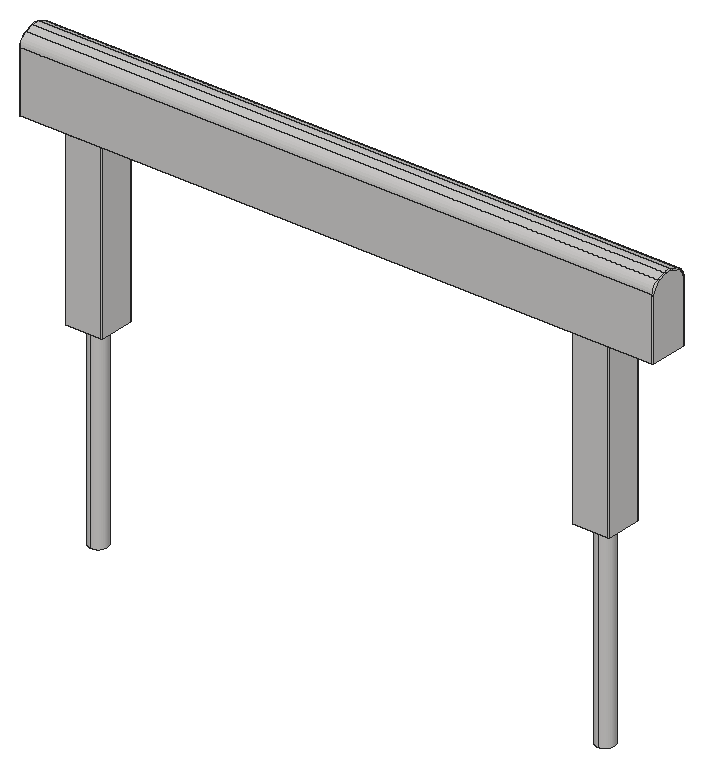
Revit family "PRD_AR_TpsAndWtrSpplOtltFttngs_FittingUnit_AQFU0230-AQFU0234 2", category Plumbing Fixtures, Revit 2023
Family settings
  Round Connector Dimension = Use Diameter
  Part Type = Normal
  OmniClass Number = 23.45.55.11
  OmniClass Title = Sanitary Components
  Work Plane-Based = No
  Enable Cutting in Views = No
  Always vertical = Yes
  Cut with Voids When Loaded = No
  Maintain Annotation Orientation = No
  Shared = No
  Room Calculation Point = No
Parameters (values of type "AQFU0230")
  Width = 1200 mm
  WashPlaceWidth = "600 mm"
  WarrantyStartDate [instance] = "1900-12-31T23:59:59"
  WarrantyGuarantorParts = "n/a"
  WarrantyGuarantorLabor = "n/a"
  WarrantyDurationUnit = "n/a"
  WarrantyDurationParts = "n/a"
  WarrantyDurationLabor = "n/a"
  WarrantyDescription = "n/a"
  Version = "1"
  Uniclass2015Version = "Products v1.38"
  Uniclass2015Title = "Taps and water supply outlet fittings"
  Uniclass2015Code = "Pr_40_20_87"
  URL = "www.kwc-professional.com"
  TypeOfMounting = "mounted on product"
  TypeOfMixing = "yes"
  Type IFC Predefined Type = "USERDEFINED"
  TagNumber [instance] = "n/a"
  SwapMiddleSupport [instance] = no
  SustainabilityPerformance = "n/a"
  Status = "New"
  Size = "1200 x 470 x 73 mm (W x H x D)"
  Shape = "n/a"
  SerialNumber [instance] = "n/a"
  Revision = "n/a"
  ReplacementCost = "n/a"
  Reference = "n/a"
  ProductInformation = "http://pim.kwc.com/product/2030064965/attachment/datasheet?locale=en"
  PositionOfWaterConnection = "from bottom"
  PipingMaterial = PRD_AR_StainlessSteel_HighPolished
  OverallWidth = "1,200 mm"
  OverallHeight = "470 mm"
  OverallDepth = "73 mm"
  OutletSize = 15.0 mm
  InletConversionSize = 25.0 mm
  NumberOfWashPlaces = "4"
  NominalWidth = 1200 mm
  NominalHeight = 470 mm
  NominalDepth = 73 mm
  Name = "Fitting unit for double-row sanitary facilities AQFU0230"
  NBSTypeID = "n/a"
  NBSReference = "n/a"
  NBSOfficeMasterTag = "n/a"
  NBSNote = "n/a"
  NBSDescription = "n/a"
  NBSCertification = "n/a"
  ModelReference = "AQFU0230"
  ModelNumber = "2030064965"
  Model = ModelReference  # "AQFU0230"
  Material = "stainless steel"
  ManufacturerURL = "www.kwc-professional.com"
  ManufacturerName = "KWC Group Management AG"  # constant formula
  Manufacturer = ManufacturerName  # "KWC Group Management AG"
  InstallationDate [instance] = "1900-12-31T23:59:59"
  InletSize = "G1B"
  IfcExportType = "USERDEFINED"
  IfcExportAs = "IfcDistributionChamberElement"
  HygieneFlushing = "no"
  HalfWidth = Width / 2  # 600 mm
  Grade = "n/a"
  FlowHotWater = 0.0 L/s
  FlowColdWater = 0.0 L/s
  Fitting = "separately"
  Finish = "satin finished"
  Features = "With 4 wash places, housing width 1200 mm. Wash place width 600 mm."
  Export Type to IFC As = "IfcDistributionChamberElementType"
  ExpectedLife = "n/a"
  DurationUnit = "n/a"
  Description = "Fitting unit ready for connection with 4 wash places, for mounting on double-row sanitary facilities, for connection to hot and cold water from below via guide pipe holders. Housing made of stainless steel, satin finished with pre-assembled fitting connection blocks, connection options for power supply to electronic fittings, and stainless steel piping."
  Default Elevation = 0 mm
  CreatedOn = "12/2025"  # constant formula
  Constituents = "n/a"
  Color = "n/a"
  CodePerformance = "n/a"
  Circulation = "no"
  Category = "Pr_40_20_87, Taps and water supply outlet fittings"
  BodyMaterial = PRD_AR_StainlessSteel_SatinFinished
  BarCode [instance] = "n/a"
  BIMObjectName = "PRD_AR_TapsAndWaterSupplyOutletFittings_FittingUnit_AQFU0230"
  Author = "Archispace"  # constant formula
  AssetType = "Fixed"
  AssetIdentifier [instance] = "n/a"
  AccessibilityPerformance = "n/a"
Types (5, lengths in mm): name | Width | Size | ProductInformation | OverallWidth | NumberOfWashPlaces | NominalWidth | Name | ModelReference | ModelNumber | Model | HalfWidth | Features | Description | BIMObjectName
  AQFU0230 | 1200 | "1200 x 470 x 73 mm (W x H x D)" | "http://pim.kwc.com/product/2030064965/attachment/datasheet?locale=en" | "1,200 mm" | "4" | 1200 | "Fitting unit for double-row sanitary facilities AQFU0230" | "AQFU0230" | "2030064965" | "AQFU0230" | 600 | "With 4 wash places, housing width 1200 mm. Wash place width 600 mm." | "Fitting unit ready for connection with 4 wash places, for mounting on double-row sanitary facilities, for connection to hot and cold water from below via guide pipe holders. Housing made of stainless steel, satin finished with pre-assembled fitting connection blocks, connection options for power supply to electronic fittings, and stainless steel piping." | "PRD_AR_TapsAndWaterSupplyOutletFittings_FittingUnit_AQFU0230"
  AQFU0231 | 1800 | "1800 x 470 x 73 mm (W x H x D)" | "http://pim.kwc.com/product/2030064966/attachment/datasheet?locale=en" | "1,800 mm" | "6" | 1800 | "Fitting unit for double-row sanitary facilities AQFU0231" | "AQFU0231" | "2030064966" | "AQFU0231" | 900 | "With 6 wash places, housing width 1800 mm. Wash place width 600 mm." | "Fitting unit ready for connection with 6 wash places, for mounting on double-row sanitary facilities, for connection to hot and cold water from below via guide pipe holders. Housing made of stainless steel, satin finished with pre-assembled fitting connection blocks, connection options for power supply to electronic fittings, and stainless steel piping." | "PRD_AR_TapsAndWaterSupplyOutletFittings_FittingUnit_AQFU0231"
  AQFU0232 | 2400 | "2400 x 470 x 73 mm (W x H x D)" | "http://pim.kwc.com/product/2030064967/attachment/datasheet?locale=en" | "2,400 mm" | "8" | 2400 | "Fitting unit for double-row sanitary facilities AQFU0232" | "AQFU0232" | "2030064967" | "AQFU0232" | 1200 | "With 8 wash places, housing width 2400 mm. Wash place width 600 mm." | "Fitting unit ready for connection with 8 wash places, for mounting on double-row sanitary facilities, for connection to hot and cold water from below via guide pipe holders. Housing made of stainless steel, satin finished with pre-assembled fitting connection blocks, connection options for power supply to electronic fittings, and stainless steel piping." | "PRD_AR_TapsAndWaterSupplyOutletFittings_FittingUnit_AQFU0232"
  AQFU0233 | 3000 | "3000 x 470 x 73 mm (W x H x D)" | "http://pim.kwc.com/product/2030064969/attachment/datasheet?locale=en" | "3,000 mm" | "10" | 3000 | "Fitting unit for double-row sanitary facilities AQFU0233" | "AQFU0233" | "2030064969" | "AQFU0233" | 1500 | "With 10 wash places, housing width 3000 mm. Wash place width 600 mm." | "Fitting unit ready for connection with 10 wash places, for mounting on double-row sanitary facilities, for connection to hot and cold water from below via guide pipe holders. Housing made of stainless steel, satin finished with pre-assembled fitting connection blocks, connection options for power supply to electronic fittings, and stainless steel piping." | "PRD_AR_TapsAndWaterSupplyOutletFittings_FittingUnit_AQFU0233"
  AQFU0234 | 3600 | "3600 x 470 x 73 mm (W x H x D)" | "http://pim.kwc.com/product/2030064971/attachment/datasheet?locale=en" | "3,600 mm" | "12" | 3600 | "Fitting unit for double-row sanitary facilities AQFU0234" | "AQFU0234" | "2030064971" | "AQFU0234" | 1800 | "With 12 wash places, housing width 3600 mm. Wash place width 600 mm." | "Fitting unit ready for connection with 12 wash places, for mounting on double-row sanitary facilities, for connection to hot and cold water from below via guide pipe holders. Housing made of stainless steel, satin finished with pre-assembled fitting connection blocks, connection options for power supply to electronic fittings, and stainless steel piping." | "PRD_AR_TapsAndWaterSupplyOutletFittings_FittingUnit_AQFU0234"
Reference planes
  plane 1 "Center (Front/Back)": y = 0
  plane 2: z = 0
  plane 3 "Center (Left/Right)": x = 0
Dimensions and locks
  aligned and locked: level to plane 2
Nested families
  nested 1: "AQFU02 double" at (0, 0, 0), SwapMiddleSupport <- "SwapMiddleSupport", type "AQFU02 double"
    with SwapMiddleSupport no, MiddleSupportRight no, MiddleSupportLeft no, 4 and 5 and 6 connections no, X 300 mm, Width 1200 mm, BasicWidth 1200 mm
Connectors
  piping at (-480, 0, -375), diameter 25, driven by "InletConversionSize", driven by "FlowHotWater", driven by "InletSize"
    settings: on nested 1, index 1, connector inside diameter 609.6 mm, connector length 0 mm, flow factor 0, pipe flow 0.0 L/s, pressure drop 0.0 Pa, fitting loss kfactor 0, connector angle 0.00°, fixture units 0, engagement length 0 mm, angle of deflection 0.00°, flow configuration 0, flow direction 1, fitting loss method 0, system type 19, joint type 0, gender type 0, connector reference index -1, connector utility 0, adjustable connector no, is connector primary yes, connector description "G1B"
  piping at (480, 0, -375), diameter 25, driven by "InletConversionSize", driven by "FlowColdWater", driven by "InletSize"
    settings: on nested 1, index 2, connector inside diameter 609.6 mm, connector length 0 mm, flow factor 0, pipe flow 0.0 L/s, pressure drop 0.0 Pa, fitting loss kfactor 0, connector angle 0.00°, fixture units 0, engagement length 0 mm, angle of deflection 0.00°, flow configuration 0, flow direction 1, fitting loss method 0, system type 20, joint type 0, gender type 0, connector reference index -1, connector utility 0, adjustable connector no, is connector primary no, connector description "G1B"
Definition of nested family "AQFU02 double"
  Parameters (values of type "AQFU02 double")
    Z = if([6 connections], X, 100 mm)  # 100 mm
    Y = if([5 connections], X, 0 mm)  # 0 mm
    X = BasicWidth / 4  # 400 mm
    Width = 1600 mm
    W = if([4 connections], X, if([5 connections], X * 2, if([6 connections], X * 3, 100 mm)))  # 100 mm
    SwapMiddleSupport [instance] = no
    PipingMaterial = none
    MiddleSupportRight [instance] = and(SwapMiddleSupport, [4 and 5 and 6 connections])  # no
    MiddleSupportLeft [instance] = and(not(SwapMiddleSupport), [4 and 5 and 6 connections])  # no
    BodyMaterial = none
    Default Elevation = 0 mm
    BasicWidth = 1600 mm
    6 connections = Width = BasicWidth + 8 * X  # no
    5 connections = Width = BasicWidth + 6 * X  # no
    4 connections = Width = BasicWidth + 4 * X  # no
    4 and 5 and 6 connections [instance] = Width > BasicWidth + 2 * X  # no
    3 connections = Width = BasicWidth + 2 * X  # no
    3 and 5 connections = or(Width = BasicWidth + 2 * X, Width = BasicWidth + 6 * X)  # no
    2 connections = Width = BasicWidth  # yes
  Reference planes
    plane 1 "Center (Front/Back)": y = 0
    plane 2: z = 0
    plane 3 "Center (Left/Right)": x = 0
    plane 4: x = -800
    plane 5: x = 800
    plane 6: z = 395
    plane 7: z = 325
    plane 8: z = -375
    plane 9: z = 468.46
    plane 10: x = -680
    plane 11: x = 680
    plane 12: y = 36.5
    plane 13: y = -36.5
    plane 14: y = 35
    plane 15: y = -35
    plane 16: x = -400
    plane 17: x = 400
    plane 18: x = -100
    plane 19: x = 100
    plane 20: x = -100
    plane 21: x = 100
    plane 22: x = 0
    plane 23: z = -355
    plane 24: x = 0
  Forms (mm)
    Sweep 1, solid, material <- "BodyMaterial", detail levels fine
      path origin (0, 0, 0) x (1, 0, 0) y (0, 0, 1)
        loop
          line (-800, 325) -> (800, 325)
      profile origin (0, 0, 325) x (0, 0, 1) y (0, -1, 0)
        loop
          line (0, -36.5) -> (116.5, -36.5)
          arc (116.5, -36.5) -> (128.832, -32.612) -> (136.703, -22.353) r 21.5
          line (136.703, -22.353) -> (142.163, -7.353)
          arc (142.163, -7.353) -> (143.46, 0) -> (142.163, 7.353) r 21.5
          line (142.163, 7.353) -> (136.703, 22.353)
          arc (136.703, 22.353) -> (128.832, 32.612) -> (116.5, 36.5) r 21.5
          line (116.5, 36.5) -> (0, 36.5) -> (0, -36.5)
    Sweep 2, solid, material <- "BodyMaterial", detail levels fine
      path origin (0, 0, 0) x (1, 0, 0) y (0, 0, 1)
        loop
          line (-680, 325) -> (-680, 0)
      profile origin (-680, 0, 162.5) x (0, -1, 0) y (1, 0, 0)
        loop
          arc (-35, -33) -> (-34.414, -34.414) -> (-33, -35) r 2
          line (-33, -35) -> (33, -35)
          arc (33, -35) -> (34.414, -34.414) -> (35, -33) r 2
          line (35, -33) -> (35, 33)
          arc (35, 33) -> (34.414, 34.414) -> (33, 35) r 2
          line (33, 35) -> (-33, 35)
          arc (-33, 35) -> (-34.414, 34.414) -> (-35, 33) r 2
          line (-35, 33) -> (-35, -33)
    Sweep 3, solid, material <- "PipingMaterial"
      path origin (0, 0, 0) x (1, 0, 0) y (0, 0, 1)
        loop
          line (-680, 0) -> (-680, -375)
      profile origin (-680, 0, -187.5) x (0, -1, 0) y (1, 0, 0)
        loop
          circle (0, 0) r 16.5
    Sweep 4, void
      path in 3D
        loop
          line (-800, -36.5, 325) -> (-800, -36.5, 441.5)
          arc (-800, -36.5, 441.5) -> (-800, -32.612, 453.832) -> (-800, -22.353, 461.703) r 21.5
          line (-800, -22.353, 461.703) -> (-800, -7.353, 467.163)
          arc (-800, -7.353, 467.163) -> (-800, 0, 468.46) -> (-800, 7.353, 467.163) r 21.5
          line (-800, 7.353, 467.163) -> (-800, 22.353, 461.703)
          arc (-800, 22.353, 461.703) -> (-800, 32.612, 453.832) -> (-800, 36.5, 441.5) r 21.5
          line (-800, 36.5, 441.5) -> (-800, 36.5, 325)
      profile origin (-800, -36.5, 383.25) x (0, 1, 0) y (-1, 0, 0)
        loop
          line (0, 0) -> (0, -2)
          arc (0, -2) -> (0.586, -0.586) -> (2, 0) r 2
          line (2, 0) -> (0, 0)
    Sweep 5, void
      path in 3D
        loop
          line (800, 36.5, 325) -> (800, 36.5, 441.5)
          arc (800, 36.5, 441.5) -> (800, 32.612, 453.832) -> (800, 22.353, 461.703) r 21.5
          line (800, 22.353, 461.703) -> (800, 7.353, 467.163)
          arc (800, 7.353, 467.163) -> (800, 0, 468.46) -> (800, -7.353, 467.163) r 21.5
          line (800, -7.353, 467.163) -> (800, -22.353, 461.703)
          arc (800, -22.353, 461.703) -> (800, -32.612, 453.832) -> (800, -36.5, 441.5) r 21.5
          line (800, -36.5, 441.5) -> (800, -36.5, 325)
      profile origin (800, -36.5, 383.25) x (1, 0, 0) y (0, 1, 0)
        loop
          line (0, 0) -> (0, 2)
          arc (0, 2) -> (-0.586, 0.586) -> (-2, 0) r 2
          line (-2, 0) -> (0, 0)
    Sweep 6, solid, material <- "BodyMaterial", detail levels fine
      path origin (0, 0, 0) x (-1, 0, 0) y (0, 0, -1)
        loop
          line (-680, -325) -> (-680, 0)
      profile origin (680, 0, 162.5) x (0, -1, 0) y (1, 0, 0)
        loop
          line (-35, 33) -> (-35, -33)
          arc (-35, -33) -> (-34.414, -34.414) -> (-33, -35) r 2
          line (-33, -35) -> (33, -35)
          arc (33, -35) -> (34.414, -34.414) -> (35, -33) r 2
          line (35, -33) -> (35, 33)
          arc (35, 33) -> (34.414, 34.414) -> (33, 35) r 2
          line (33, 35) -> (-33, 35)
          arc (-33, 35) -> (-34.414, 34.414) -> (-35, 33) r 2
    Sweep 7, solid, material <- "PipingMaterial"
      path origin (0, 0, 0) x (-1, 0, 0) y (0, 0, -1)
        loop
          line (-680, 0) -> (-680, 375)
      profile origin (680, 0, -187.5) x (0, -1, 0) y (1, 0, 0)
        loop
          circle (0, 0) r 16.5
    Sweep 8, solid, material <- "BodyMaterial", visible <- "MiddleSupportLeft", detail levels fine
      path origin (480, 0, 0) x (1, 0, 0) y (0, 0, 1)
        loop
          line (-480, 325) -> (-480, 0)
      profile origin (0, 0, 162.5) x (0, -1, 0) y (1, 0, 0)
        loop
          arc (-35, -33) -> (-34.414, -34.414) -> (-33, -35) r 2
          line (-33, -35) -> (33, -35)
          arc (33, -35) -> (34.414, -34.414) -> (35, -33) r 2
          line (35, -33) -> (35, 33)
          arc (35, 33) -> (34.414, 34.414) -> (33, 35) r 2
          line (33, 35) -> (-33, 35)
          arc (-33, 35) -> (-34.414, 34.414) -> (-35, 33) r 2
          line (-35, 33) -> (-35, -33)
    Sweep 9, solid, material <- "PipingMaterial", visible <- "MiddleSupportLeft"
      path origin (480, 0, -360) x (1, 0, 0) y (0, 0, 1)
        loop
          line (-480, 360) -> (-480, 5)
      profile origin (0, 0, -177.5) x (0, -1, 0) y (1, 0, 0)
        loop
          circle (0, 0) r 5
    Sweep 10, solid, material <- "BodyMaterial", detail levels medium
      path origin (0, 0, 0) x (1, 0, 0) y (0, 0, 1)
        loop
          line (-800, 325) -> (800, 325)
      profile origin (0, 0, 325) x (0, 0, 1) y (0, -1, 0)
        loop
          line (0, -36.5) -> (116.5, -36.5)
          arc (116.5, -36.5) -> (128.832, -32.612) -> (136.703, -22.353) r 21.5
          line (136.703, -22.353) -> (142.163, -7.353)
          arc (142.163, -7.353) -> (143.46, 0) -> (142.163, 7.353) r 21.5
          line (142.163, 7.353) -> (136.703, 22.353)
          arc (136.703, 22.353) -> (128.832, 32.612) -> (116.5, 36.5) r 21.5
          line (116.5, 36.5) -> (0, 36.5) -> (0, -36.5)
    Sweep 11, solid, material <- "BodyMaterial", detail levels coarse+medium
      path origin (0, 0, 0) x (1, 0, 0) y (0, 0, 1)
        loop
          line (-680, 325) -> (-680, 0)
      profile origin (-680, 0, 162.5) x (0, -1, 0) y (1, 0, 0)
        loop
          line (-35, -35) -> (35, -35) -> (35, 35) -> (-35, 35) -> (-35, -35)
    Sweep 12, solid, material <- "BodyMaterial", detail levels coarse+medium
      path origin (0, 0, 0) x (-1, 0, 0) y (0, 0, -1)
        loop
          line (-680, -325) -> (-680, 0)
      profile origin (680, 0, 162.5) x (0, -1, 0) y (1, 0, 0)
        loop
          line (-35, 35) -> (-35, -35) -> (35, -35) -> (35, 35) -> (-35, 35)
    Sweep 13, solid, material <- "BodyMaterial", visible <- "MiddleSupportLeft", detail levels coarse+medium
      path origin (480, 0, 0) x (1, 0, 0) y (0, 0, 1)
        loop
          line (-480, 325) -> (-480, 0)
      profile origin (0, 0, 162.5) x (0, -1, 0) y (1, 0, 0)
        loop
          line (-35, -35) -> (35, -35) -> (35, 35) -> (-35, 35) -> (-35, -35)
    Sweep 14, solid, material <- "BodyMaterial", detail levels coarse
      path origin (0, 0, 0) x (1, 0, 0) y (0, 0, 1)
        loop
          line (-800, 325) -> (800, 325)
      profile origin (0, 0, 325) x (0, 0, 1) y (0, -1, 0)
        loop
          line (0, -36.5) -> (143.46, -36.5) -> (143.46, 36.5) -> (0, 36.5) -> (0, -36.5)
    Sweep 15, solid, material <- "BodyMaterial", visible <- "MiddleSupportRight", detail levels fine
      path origin (-480, 0, 0) x (-1, 0, 0) y (0, 0, -1)
        loop
          line (-480, -325) -> (-480, 0)
      profile origin (0, 0, 162.5) x (0, -1, 0) y (1, 0, 0)
        loop
          line (-35, 33) -> (-35, -33)
          arc (-35, -33) -> (-34.414, -34.414) -> (-33, -35) r 2
          line (-33, -35) -> (33, -35)
          arc (33, -35) -> (34.414, -34.414) -> (35, -33) r 2
          line (35, -33) -> (35, 33)
          arc (35, 33) -> (34.414, 34.414) -> (33, 35) r 2
          line (33, 35) -> (-33, 35)
          arc (-33, 35) -> (-34.414, 34.414) -> (-35, 33) r 2
    Sweep 16, solid, material <- "PipingMaterial", visible <- "MiddleSupportRight"
      path origin (-480, 0, -360) x (-1, 0, 0) y (0, 0, -1)
        loop
          line (-480, -360) -> (-480, -5)
      profile origin (0, 0, -177.5) x (0, -1, 0) y (1, 0, 0)
        loop
          circle (0, 0) r 5
    Sweep 17, solid, material <- "BodyMaterial", visible <- "MiddleSupportRight", detail levels coarse+medium
      path origin (-480, 0, 0) x (-1, 0, 0) y (0, 0, -1)
        loop
          line (-480, -325) -> (-480, 0)
      profile origin (0, 0, 162.5) x (0, -1, 0) y (1, 0, 0)
        loop
          line (-35, 35) -> (-35, -35) -> (35, -35) -> (35, 35) -> (-35, 35)
  Cuts and joins
    Sweep 4, Sweep 5 cuts Sweep 1
  Lines and regions (mm)
    sketch lines
      curve 1: line (-800, -36.5, 325) -> (-800, -36.5, 441.5)
      curve 2: arc (-800, -22.353, 461.703) -> (-800, -32.612, 453.832) -> (-800, -36.5, 441.5) r 21.5
      curve 3: line (-800, -22.353, 461.703) -> (-800, -7.353, 467.163)
      curve 4: arc (-800, 7.353, 467.163) -> (-800, 0, 468.46) -> (-800, -7.353, 467.163) r 21.5
      curve 5: line (-800, 7.353, 467.163) -> (-800, 22.353, 461.703)
      curve 6: arc (-800, 36.5, 441.5) -> (-800, 32.612, 453.832) -> (-800, 22.353, 461.703) r 21.5
      curve 7: line (-800, 36.5, 441.5) -> (-800, 36.5, 325)
      curve 8: line (800, -36.5, 441.5) -> (800, -36.5, 325)
      curve 9: arc (800, -36.5, 441.5) -> (800, -32.612, 453.832) -> (800, -22.353, 461.703) r 21.5
      curve 10: line (800, -7.353, 467.163) -> (800, -22.353, 461.703)
      curve 11: arc (800, -7.353, 467.163) -> (800, 0, 468.46) -> (800, 7.353, 467.163) r 21.5
      curve 12: line (800, 22.353, 461.703) -> (800, 7.353, 467.163)
      curve 13: arc (800, 22.353, 461.703) -> (800, 32.612, 453.832) -> (800, 36.5, 441.5) r 21.5
      curve 14: line (800, 36.5, 325) -> (800, 36.5, 441.5)
    model lines
      curve 15: circle (-400, -36.5, 395) r 7 normal (0, -1, 0)
      curve 16: line (-400, -36.5, 388) -> (-400, -36.5, 402)
      curve 17: line (-407, -36.5, 395) -> (-393, -36.5, 395)
      curve 18: circle (-400, 36.5, 395) r 7 normal (0, -1, 0)
      curve 19: line (-400, 36.5, 388) -> (-400, 36.5, 402)
      curve 20: line (-407, 36.5, 395) -> (-393, 36.5, 395)
      curve 21: circle (400, -36.5, 395) r 7 normal (0, 1, 0)
      curve 22: circle (400, 36.5, 395) r 7 normal (0, 1, 0)
      curve 53: line (407, 36.5, 395) -> (393, 36.5, 395)
      curve 54: line (400, 36.5, 402) -> (400, 36.5, 388)
      curve 55: line (407, -36.5, 395) -> (393, -36.5, 395)
      curve 56: line (400, -36.5, 402) -> (400, -36.5, 388)
      curve 57: circle (-400, -36.5, 413) r 7.5 normal (0, -1, 0)
      curve 58: circle (-400, 36.5, 413) r 7.5 normal (0, -1, 0)
      curve 59: circle (400, -36.5, 413) r 7.5 normal (0, 1, 0)
      curve 60: circle (400, 36.5, 413) r 7.5 normal (0, 1, 0)
      curve 71: circle (-400, -36.5, 377) r 7.5 normal (0, -1, 0)
      curve 72: circle (-400, 36.5, 377) r 7.5 normal (0, -1, 0)
      curve 73: circle (400, -36.5, 377) r 7.5 normal (0, 1, 0)
      curve 74: circle (400, 36.5, 377) r 7.5 normal (0, 1, 0)
    model lines, visible <- "3 and 5 connections"
      curve 23: circle (0, -36.5, 395) r 7 normal (0, -1, 0)
      curve 24: line (0, -36.5, 388) -> (0, -36.5, 402)
      curve 25: line (-7, -36.5, 395) -> (7, -36.5, 395)
      curve 26: circle (0, 36.5, 395) r 7 normal (0, -1, 0)
      curve 27: line (0, 36.5, 388) -> (0, 36.5, 402)
      curve 28: line (-7, 36.5, 395) -> (7, 36.5, 395)
      curve 61: circle (0, -36.5, 413) r 7.5 normal (0, -1, 0)
      curve 62: circle (0, 36.5, 413) r 7.5 normal (0, -1, 0)
      curve 75: circle (0, -36.5, 377) r 7.5 normal (0, -1, 0)
      curve 76: circle (0, 36.5, 377) r 7.5 normal (0, -1, 0)
    model lines, visible <- "4 and 5 and 6 connections"
      curve 29: circle (-100, -36.5, 395) r 7 normal (0, -1, 0)
      curve 30: line (-100, -36.5, 388) -> (-100, -36.5, 402)
      curve 31: line (-107, -36.5, 395) -> (-93, -36.5, 395)
      curve 32: circle (-100, 36.5, 395) r 7 normal (0, -1, 0)
      curve 33: line (-100, 36.5, 388) -> (-100, 36.5, 402)
      curve 34: line (-107, 36.5, 395) -> (-93, 36.5, 395)
      curve 35: circle (100, -36.5, 395) r 7 normal (0, 1, 0)
      curve 36: line (107, -36.5, 395) -> (93, -36.5, 395)
      curve 37: circle (100, 36.5, 395) r 7 normal (0, 1, 0)
      curve 38: line (107, 36.5, 395) -> (93, 36.5, 395)
      curve 39: line (100, 36.5, 402) -> (100, 36.5, 388)
      curve 40: line (100, -36.5, 402) -> (100, -36.5, 388)
      curve 63: circle (-100, -36.5, 413) r 7.5 normal (0, -1, 0)
      curve 64: circle (-100, 36.5, 413) r 7.5 normal (0, -1, 0)
      curve 65: circle (100, -36.5, 413) r 7.5 normal (0, 1, 0)
      curve 66: circle (100, 36.5, 413) r 7.5 normal (0, 1, 0)
      curve 77: circle (-100, -36.5, 377) r 7.5 normal (0, -1, 0)
      curve 78: circle (-100, 36.5, 377) r 7.5 normal (0, -1, 0)
      curve 79: circle (100, -36.5, 377) r 7.5 normal (0, 1, 0)
      curve 80: circle (100, 36.5, 377) r 7.5 normal (0, 1, 0)
    model lines, visible <- "6 connections"
      curve 41: circle (-100, -36.5, 395) r 7 normal (0, -1, 0)
      curve 42: line (-100, -36.5, 388) -> (-100, -36.5, 402)
      curve 43: line (-107, -36.5, 395) -> (-93, -36.5, 395)
      curve 44: circle (-100, 36.5, 395) r 7 normal (0, -1, 0)
      curve 45: line (-100, 36.5, 388) -> (-100, 36.5, 402)
      curve 46: line (-107, 36.5, 395) -> (-93, 36.5, 395)
      curve 47: circle (100, -36.5, 395) r 7 normal (0, -1, 0)
      curve 48: line (100, -36.5, 388) -> (100, -36.5, 402)
      curve 49: line (93, -36.5, 395) -> (107, -36.5, 395)
      curve 50: circle (100, 36.5, 395) r 7 normal (0, -1, 0)
      curve 51: line (100, 36.5, 388) -> (100, 36.5, 402)
      curve 52: line (93, 36.5, 395) -> (107, 36.5, 395)
      curve 67: circle (-100, -36.5, 413) r 7.5 normal (0, -1, 0)
      curve 68: circle (-100, 36.5, 413) r 7.5 normal (0, -1, 0)
      curve 69: circle (100, -36.5, 413) r 7.5 normal (0, -1, 0)
      curve 70: circle (100, 36.5, 413) r 7.5 normal (0, -1, 0)
      curve 81: circle (-100, -36.5, 377) r 7.5 normal (0, -1, 0)
      curve 82: circle (-100, 36.5, 377) r 7.5 normal (0, -1, 0)
      curve 83: circle (100, -36.5, 377) r 7.5 normal (0, -1, 0)
      curve 84: circle (100, 36.5, 377) r 7.5 normal (0, -1, 0)
  Dimensions and locks
    equal spacing: plane 4, plane 3 "Center (Left/Right)", plane 5
    "Width": plane 4 to plane 5
    locked: plane 6 to level at 395
    locked: plane 9 to plane 7 at 143.46
    locked: plane 7 to plane 8 at 700
    locked: plane 4 to plane 10 at 120
    locked: plane 11 to plane 5 at 120
    locked: plane 12 to plane 13 at 73
    equal spacing: plane 14, plane 1 "Center (Front/Back)", plane 15
    locked: plane 14 to plane 15 at 70
    "X": plane 4 to plane 16
    "X": plane 17 to plane 5
    "W": plane 3 "Center (Left/Right)" to plane 18
    "W": plane 19 to plane 3 "Center (Left/Right)"
    "Z": plane 3 "Center (Left/Right)" to plane 20
    "Z": plane 21 to plane 3 "Center (Left/Right)"
    "Y": plane 3 "Center (Left/Right)" to plane 22
    locked: plane 23 to plane 8 at 20
    "Y": plane 24 to plane 3 "Center (Left/Right)"
    aligned and locked: level to plane 2
    aligned and locked: plane 4 to Sweep 1 sketch curve
    aligned and locked: plane 5 to Sweep 1 sketch curve
    aligned and locked: plane 7 to Sweep 1 sketch curve
    aligned and locked: level to Sweep 2 sketch curve
    aligned and locked: plane 7 to Sweep 2 sketch curve
    aligned and locked: plane 10 to Sweep 2 sketch curve
    aligned and locked: level to Sweep 3 sketch curve
    aligned and locked: plane 8 to Sweep 3 sketch curve
    aligned and locked: plane 10 to Sweep 3 sketch curve
    aligned and locked: plane 7 to Sweep 6 sketch curve
    aligned and locked: level to Sweep 6 sketch curve
    aligned and locked: plane 11 to Sweep 6 sketch curve
    aligned and locked: level to Sweep 7 sketch curve
    aligned and locked: plane 8 to Sweep 7 sketch curve
    aligned and locked: plane 11 to Sweep 7 sketch curve
    aligned and locked: plane 16 to curve 15
    aligned and locked: plane 6 to curve 15
    aligned and locked: plane 16 to curve 16
    aligned and locked: curve 17 to plane 6
    aligned and locked: plane 17 to curve 21
    aligned and locked: plane 6 to curve 21
    aligned and locked: plane 17 to curve 22
    aligned and locked: plane 6 to curve 22
    aligned and locked: plane 16 to curve 18
    aligned and locked: plane 6 to curve 18
    aligned and locked: plane 3 "Center (Left/Right)" to curve 23
    aligned and locked: plane 6 to curve 23
    aligned and locked: plane 3 "Center (Left/Right)" to curve 26
    aligned and locked: plane 6 to curve 26
    aligned and locked: plane 18 to curve 29
    aligned and locked: plane 18 to curve 32
    aligned and locked: plane 6 to curve 29
    aligned and locked: plane 6 to curve 32
    aligned and locked: plane 19 to curve 35
    aligned and locked: plane 6 to curve 35
    aligned and locked: plane 19 to curve 37
    aligned and locked: plane 6 to curve 37
    aligned and locked: plane 18 to curve 30
    aligned and locked: plane 18 to curve 33
    aligned and locked: plane 20 to curve 41
    aligned and locked: plane 6 to curve 41
    aligned and locked: curve 42 to plane 20
    aligned and locked: plane 6 to curve 44
    aligned and locked: curve 43 to plane 6
    aligned and locked: curve 46 to plane 6
    aligned and locked: plane 20 to curve 44
    aligned and locked: curve 45 to plane 20
    aligned and locked: plane 21 to curve 47
    aligned and locked: plane 21 to curve 50
    aligned and locked: curve 48 to plane 21
    aligned and locked: curve 51 to plane 21
    aligned and locked: plane 6 to curve 47
    aligned and locked: plane 6 to curve 50
    aligned and locked: curve 49 to plane 6
    aligned and locked: curve 52 to plane 6
    aligned and locked: plane 6 to curve 53
    aligned and locked: plane 17 to curve 54
    aligned and locked: plane 6 to curve 55
    aligned and locked: plane 17 to curve 56
    aligned and locked: plane 7 to Sweep 8 sketch curve
    aligned and locked: level to Sweep 8 sketch curve
    aligned and locked: Sweep 8 sketch curve to plane 22
    aligned and locked: level to Sweep 9 sketch curve
    aligned and locked: plane 22 to Sweep 9 sketch curve
    aligned and locked: plane 23 to Sweep 9 sketch curve
    aligned and locked: plane 7 to Sweep 11 sketch curve
    aligned and locked: level to Sweep 11 sketch curve
    aligned and locked: plane 10 to Sweep 11 sketch curve
    aligned and locked: level to Sweep 13 sketch curve
    aligned and locked: Sweep 13 sketch curve to plane 22
    aligned and locked: plane 7 to Sweep 13 sketch curve
    aligned and locked: level to Sweep 12 sketch curve
    aligned and locked: plane 7 to Sweep 12 sketch curve
    aligned and locked: plane 11 to Sweep 12 sketch curve
    aligned and locked: plane 4 to Sweep 10 sketch curve
    aligned and locked: plane 5 to Sweep 10 sketch curve
    aligned and locked: plane 4 to Sweep 14 sketch curve
    aligned and locked: plane 5 to Sweep 14 sketch curve
    aligned and locked: Sweep 15 sketch curve to plane 24
    aligned and locked: Sweep 16 sketch curve to plane 24
    aligned and locked: Sweep 17 sketch curve to plane 24
    aligned and locked: level to Sweep 16 sketch curve
    aligned and locked: plane 23 to Sweep 16 sketch curve
  Automatic sketch dimensions
    profile plane to Sweep 1 sketch curve = 0 mm
    Sweep 1 sketch curve to plane 1 "Center (Front/Back)" = 0 mm
    plane 1 "Center (Front/Back)" to Sweep 1 sketch curve = 36.5 mm
    Sweep 1 sketch curve to profile plane = 116.5 mm
    Sweep 1 sketch curve to Sweep 1 sketch curve = 0 mm
    Sweep 1 sketch curve to Sweep 1 sketch curve = 5.46 mm  (x2)
    Sweep 1 sketch curve to plane 1 "Center (Front/Back)" = 22.353 mm
    Sweep 1 sketch curve to Sweep 1 sketch curve = 20.203 mm  (x2)
    plane 1 "Center (Front/Back)" to Sweep 1 sketch curve = 22.353 mm
    Sweep 1 sketch curve to plane 1 "Center (Front/Back)" = 7.353 mm
    plane 1 "Center (Front/Back)" to Sweep 1 sketch curve = 7.353 mm
    Sweep 1 sketch curve to plane 1 "Center (Front/Back)" = 36.5 mm
    Sweep 2 sketch curve to plane 1 "Center (Front/Back)" = 35 mm
    Sweep 2 sketch curve to Sweep 2 sketch curve = 2 mm  (x3)
    plane 1 "Center (Front/Back)" to Sweep 2 sketch curve = 33 mm  (x2)
    profile plane to Sweep 2 sketch curve = 35 mm
    Sweep 2 sketch curve to profile plane = 33 mm
    plane 1 "Center (Front/Back)" to Sweep 3 sketch curve = 0 mm
    Sweep 3 sketch curve to profile plane = 0 mm
    profile plane to Sweep 4 sketch curve = 0 mm
    Sweep 4 sketch curve to profile plane = 0 mm
    Sweep 4 sketch curve to Sweep 4 sketch curve = 2 mm
    profile plane to Sweep 5 sketch curve = 0 mm
    Sweep 5 sketch curve to profile plane = 0 mm
    Sweep 5 sketch curve to profile plane = 2 mm
    Sweep 6 sketch curve to plane 1 "Center (Front/Back)" = 35 mm
    Sweep 6 sketch curve to Sweep 6 sketch curve = 2 mm  (x3)
    plane 1 "Center (Front/Back)" to Sweep 6 sketch curve = 33 mm  (x2)
    profile plane to Sweep 6 sketch curve = 35 mm
    Sweep 6 sketch curve to profile plane = 33 mm
    plane 1 "Center (Front/Back)" to Sweep 7 sketch curve = 0 mm
    Sweep 7 sketch curve to profile plane = 0 mm
    Sweep 8 sketch curve to plane 1 "Center (Front/Back)" = 35 mm
    Sweep 8 sketch curve to Sweep 8 sketch curve = 2 mm  (x3)
    plane 1 "Center (Front/Back)" to Sweep 8 sketch curve = 33 mm  (x2)
    profile plane to Sweep 8 sketch curve = 35 mm
    Sweep 8 sketch curve to profile plane = 33 mm
    plane 1 "Center (Front/Back)" to Sweep 9 sketch curve = 0 mm
    Sweep 9 sketch curve to profile plane = 0 mm
    Sweep 10 sketch curve to plane 7 = 0 mm
    profile plane to Sweep 10 sketch curve = 0 mm
    Sweep 10 sketch curve to profile plane = 0 mm
    profile plane to Sweep 10 sketch curve = 36.5 mm
    Sweep 10 sketch curve to profile plane = 116.5 mm
    Sweep 10 sketch curve to Sweep 10 sketch curve = 0 mm
    Sweep 10 sketch curve to Sweep 10 sketch curve = 5.46 mm  (x2)
    Sweep 10 sketch curve to profile plane = 22.353 mm
    Sweep 10 sketch curve to Sweep 10 sketch curve = 20.203 mm  (x2)
    profile plane to Sweep 10 sketch curve = 22.353 mm
    Sweep 10 sketch curve to profile plane = 7.353 mm
    profile plane to Sweep 10 sketch curve = 7.353 mm
    Sweep 10 sketch curve to profile plane = 36.5 mm
    Sweep 11 sketch curve to profile plane = 35 mm  (x2)
    profile plane to Sweep 11 sketch curve = 35 mm  (x2)
    Sweep 12 sketch curve to profile plane = 35 mm  (x2)
    profile plane to Sweep 12 sketch curve = 35 mm  (x2)
    Sweep 13 sketch curve to profile plane = 35 mm  (x2)
    profile plane to Sweep 13 sketch curve = 35 mm  (x2)
    Sweep 14 sketch curve to plane 7 = 0 mm
    profile plane to Sweep 14 sketch curve = 0 mm
    profile plane to Sweep 14 sketch curve = 36.5 mm
    Sweep 14 sketch curve to profile plane = 143.46 mm
    Sweep 14 sketch curve to profile plane = 36.5 mm
    Sweep 15 sketch curve to plane 7 = 0 mm
    Sweep 15 sketch curve to level = 0 mm
    Sweep 15 sketch curve to plane 1 "Center (Front/Back)" = 35 mm
    Sweep 15 sketch curve to Sweep 15 sketch curve = 2 mm  (x3)
    plane 1 "Center (Front/Back)" to Sweep 15 sketch curve = 33 mm  (x2)
    profile plane to Sweep 15 sketch curve = 35 mm
    Sweep 15 sketch curve to profile plane = 33 mm
    plane 1 "Center (Front/Back)" to Sweep 16 sketch curve = 0 mm
    Sweep 16 sketch curve to profile plane = 0 mm
    Sweep 17 sketch curve to plane 7 = 0 mm
    Sweep 17 sketch curve to level = 0 mm
    Sweep 17 sketch curve to profile plane = 35 mm  (x2)
    profile plane to Sweep 17 sketch curve = 35 mm  (x2)
    curve 39 to plane 19 = 0 mm
    curve 54 to plane 6 = 7 mm
    curve 39 to plane 6 = 7 mm
    plane 6 to curve 39 = 7 mm
    plane 6 to curve 54 = 7 mm
    curve 57 to plane 16 = 0 mm
    plane 21 to curve 69 = 0 mm
    curve 63 to plane 18 = 0 mm
    plane 20 to curve 67 = 0 mm
    plane 17 to curve 59 = 0 mm
    curve 61 to plane 3 "Center (Left/Right)" = 0 mm
    curve 65 to plane 19 = 0 mm
    curve 24 to plane 3 "Center (Left/Right)" = 0 mm
    curve 40 to plane 19 = 0 mm
    curve 31 to plane 6 = 0 mm
    curve 36 to plane 6 = 0 mm
    curve 25 to plane 6 = 0 mm
    curve 71 to plane 16 = 0 mm
    plane 17 to curve 73 = 0 mm
    curve 75 to plane 3 "Center (Left/Right)" = 0 mm
    curve 77 to plane 18 = 0 mm
    curve 79 to plane 19 = 0 mm
    plane 20 to curve 81 = 0 mm
    plane 21 to curve 83 = 0 mm
    plane 6 to curve 65 = 18 mm
    curve 61 to curve 23 = 18 mm
    curve 59 to curve 21 = 18 mm
    curve 67 to curve 41 = 18 mm
    curve 63 to curve 29 = 18 mm
    curve 69 to curve 47 = 18 mm
    plane 6 to curve 57 = 18 mm
    curve 15 to curve 71 = 18 mm
    curve 73 to plane 6 = 18 mm
    curve 75 to plane 6 = 18 mm
    curve 77 to plane 6 = 18 mm
    curve 35 to curve 79 = 18 mm
    curve 81 to plane 6 = 18 mm
    curve 83 to plane 6 = 18 mm
    curve 30 to curve 29 = 7 mm
    curve 42 to curve 41 = 7 mm
    curve 48 to curve 47 = 7 mm
    curve 56 to curve 21 = 7 mm
    plane 6 to curve 40 = 7 mm
    plane 6 to curve 16 = 7 mm
    curve 24 to curve 23 = 7 mm
    plane 17 to curve 60 = 0 mm
    plane 21 to curve 70 = 0 mm
    curve 62 to plane 3 "Center (Left/Right)" = 0 mm
    curve 64 to plane 18 = 0 mm
    curve 58 to plane 16 = 0 mm
    curve 66 to plane 19 = 0 mm
    plane 20 to curve 68 = 0 mm
    plane 21 to curve 51 = 0 mm
    curve 27 to plane 3 "Center (Left/Right)" = 0 mm
    curve 19 to plane 16 = 0 mm
    curve 34 to plane 6 = 0 mm
    curve 28 to plane 6 = 0 mm
    curve 38 to plane 6 = 0 mm
    curve 20 to plane 6 = 0 mm
    curve 72 to plane 16 = 0 mm
    plane 17 to curve 74 = 0 mm
    curve 76 to plane 3 "Center (Left/Right)" = 0 mm
    curve 78 to plane 18 = 0 mm
    curve 80 to plane 19 = 0 mm
    plane 20 to curve 82 = 0 mm
    plane 21 to curve 84 = 0 mm
    plane 6 to curve 68 = 18 mm
    curve 66 to curve 37 = 18 mm
    plane 6 to curve 58 = 18 mm
    plane 6 to curve 64 = 18 mm
    plane 6 to curve 62 = 18 mm
    plane 6 to curve 70 = 18 mm
    curve 60 to curve 22 = 18 mm
    curve 18 to curve 72 = 18 mm
    curve 74 to plane 6 = 18 mm
    curve 26 to curve 76 = 18 mm
    curve 32 to curve 78 = 18 mm
    curve 80 to plane 6 = 18 mm
    curve 44 to curve 82 = 18 mm
    curve 50 to curve 84 = 18 mm
    plane 6 to curve 33 = 7 mm
    plane 6 to curve 19 = 7 mm
    plane 6 to curve 45 = 7 mm
    plane 6 to curve 27 = 7 mm
    plane 6 to curve 51 = 7 mm
    curve 38 to plane 19 = 7 mm
    curve 53 to curve 22 = 7 mm
    radius of Sweep 3 sketch curve = 16.5 mm
    radius of Sweep 7 sketch curve = 16.5 mm
    radius of Sweep 9 sketch curve = 5 mm
    radius of Sweep 16 sketch curve = 5 mm
    radius of curve 57 = 7.5 mm
    radius of curve 59 = 7.5 mm
    radius of curve 61 = 7.5 mm
    radius of curve 63 = 7.5 mm
    radius of curve 65 = 7.5 mm
    radius of curve 67 = 7.5 mm
    radius of curve 69 = 7.5 mm
    radius of curve 71 = 7.5 mm
    radius of curve 73 = 7.5 mm
    radius of curve 75 = 7.5 mm
    radius of curve 77 = 7.5 mm
    radius of curve 79 = 7.5 mm
    radius of curve 81 = 7.5 mm
    radius of curve 83 = 7.5 mm
    radius of curve 58 = 7.5 mm
    radius of curve 60 = 7.5 mm
    radius of curve 62 = 7.5 mm
    radius of curve 64 = 7.5 mm
    radius of curve 66 = 7.5 mm
    radius of curve 68 = 7.5 mm
    radius of curve 70 = 7.5 mm
    radius of curve 72 = 7.5 mm
    radius of curve 74 = 7.5 mm
    radius of curve 76 = 7.5 mm
    radius of curve 78 = 7.5 mm
    radius of curve 80 = 7.5 mm
    radius of curve 82 = 7.5 mm
    radius of curve 84 = 7.5 mm
